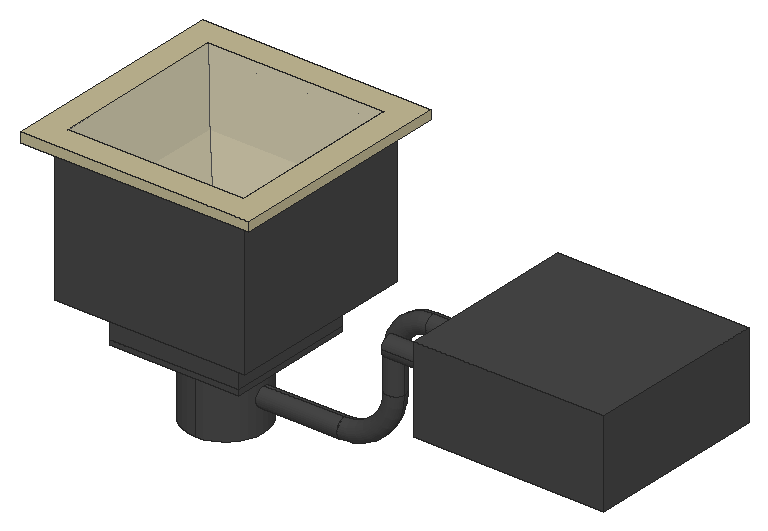
Revit family "J316", category Lighting Fixtures, host Face, Revit 2012
Parameters (values of type "J316_24W_Xicato_2100_lm_3000K")
  ceiling thickness = -1 1/2"
  Width = 16 1/4"
  Wattage Comments = "24W"
  Wattage = 24 W
  built-in parameter 1150110 = 1 (stored number, unit not read)
  Voltage = 120 V
  URL = "http://www.kurtversen.com/"
  built-in parameter 1114217 = 1 (stored number, unit not read)
  Tilt Angle = -90.00°
  built-in parameter 1150109 = 1 (stored number, unit not read)
  built-in parameter 1150134 = (empty or 0)
  built-in parameter 1150113 = 1 (stored number, unit not read)
  Product Page URL = "http://www.kurtversen.com/products/j316/"
  Product Documentation Link = "http://www.kurtversen.com/content/products/specs/specs_files/kv_j316_page.pdf"
  Photometric Web File = "J316_24W_Xicato_2100_lm_3000K.ies"
  Model = "J316"  # constant formula
  Manufacturer Phone = "(201)-664-8200"  # constant formula
  Manufacturer Fax = "(201)-664-4801"  # constant formula
  Manufacturer = "Kurtversen Lighting"  # constant formula
  built-in parameter 1150105 = 97.403 (stored number, unit not read)
  Lumens = 1224 lm
  built-in parameter 1150115 = 1 (stored number, unit not read)
  built-in parameter 1150137 = (empty or 0)
  built-in parameter 1150139 = (empty or 0)
  Length = 16 1/16"
  built-in parameter 1150112 = 1 (stored number, unit not read)
  built-in parameter 1150114 = 1 (stored number, unit not read)
  Lamp = "LED Lamp"
  built-in parameter 1150132 = (empty or 0)
  built-in parameter 1150102 = (empty or 0)
  built-in parameter 1150107 = 3000 (stored number, unit not read)
  built-in parameter 1150138 = (empty or 0)
  built-in parameter 1150106 = 0.97403 (stored number, unit not read)
  Finish = Matte Black
  Emit from Line Length = 2"
  built-in parameter 1150104 = 4.7381 (stored number, unit not read)
  Dimming Lamp Color Temperature Shift = <None>
  Description = "Narrow Downlight, 3 1/2 inch Square Aperture"  # constant formula
  Depth = 6 3/4"
  Default Elevation = 48"
  Cone Finish = J316 Cone : Gold cone
  Color Filter = 16777215
  built-in parameter 1114218 = 1 (stored number, unit not read)
  built-in parameter 1150133 = 10 (stored number, unit not read)
  Apparent Load = 24 VA
  Aperture = 3 1/2"
Types (4): name | Wattage Comments | Wattage | Photometric Web File | built-in parameter 1150105 | Lumens | built-in parameter 1150106 | Apparent Load
  (no name) | "24W" | 24 W | "J316_24W_Xicato_2100_lm_3000K.ies" | 97.403 (stored number, unit not read) | 1224 lm | 0.97403 (stored number, unit not read) | 24 VA
  J316_13W_Xicato_1100_lm_3000K | "13W" | 13 W | "J316_13W_Xicato_1100_lm_3000K.ies" | 52.76 (stored number, unit not read) | 663 lm | 0.5276 (stored number, unit not read) | 13 VA
  J316_18W_Xicato_1500_lm_3000K | "18W" | 18 W | "J316_18W_Xicato_1500_lm_3000K.ies" | 73.052 (stored number, unit not read) | 918 lm | 0.73052 (stored number, unit not read) | 18 VA
  J316_24W_Xicato_2100_lm_3000K | "24W" | 24 W | "J316_24W_Xicato_2100_lm_3000K.ies" | 97.403 (stored number, unit not read) | 1224 lm | 0.97403 (stored number, unit not read) | 24 VA
Reference planes (in)
  plane 1 "Center (Front/Back)": y = 0
  plane 2: z = 0
  plane 3 "Center (Left/Right)": x = -0.3335
  plane 4: y = 2.375
  plane 5: z = -6.75
  plane 6: y = -2.375
  plane 7: y = 8.03125
  plane 8: y = -8.03125
  plane 9: y = 6.03125
  plane 10: y = -6.03125
  plane 11: x = -6.125
  plane 12: x = 5.45799
  plane 13: y = 1.375
  plane 14: y = -1.375
  plane 15: y = -6.53125
  plane 16: y = 6.53125
  plane 17: z = -3.75
  plane 18: x = 2.1665
  plane 19: x = -2.8335
  plane 20: y = -1
  plane 21: y = 1
  plane 22: z = -1.5
  plane 23: x = 6.5
  plane 24: x = 11.5
  plane 25: x = 5
Forms (in)
  Extrusion 1, void
    sketch origin (0, 6.03125, -1.375) x (1, 0, 0) y (0, -1, 0)
      loop
        line (-2.8335, 3.53125) -> (2.1665, 3.53125) -> (2.1665, 8.53125) -> (-2.8335, 8.53125) -> (-2.8335, 3.53125)
    from -1.375 to 2.375
  Extrusion 2, void
    sketch origin (-0.3335, 0, 0) x (0, 1, 0) y (0, 0, 1)
      loop
        line (2.375, 0) -> (-2.375, 0) -> (-2.375, -1.5) -> (2.375, -1.5) -> (2.375, 0)
    from 2.5 to -2.5
  Extrusion 3, solid, material "Matte Black" <- "Finish"
    sketch origin (-2.02817, 1.69467, -3.75) x (0, -1, 0) y (1, 0, 0)
      loop
        line (0, 0) -> (3.38934, 0) -> (3.38934, 3.38934) -> (0, 3.38934) -> (0, 0)
      loop
        line (0.07295, 0.07295) -> (3.31689, 0.07295) -> (3.31689, 3.31689) -> (0.07295, 3.31689) -> (0.07295, 0.07295)
    from 0 to -1
  Extrusion 4, solid, material "Matte Black" <- "Finish"
    sketch origin (-2.02817, 1.69467, -4.75) x (1, 0, 0) y (0, -1, 0)
      loop
        line (0, 0) -> (3.38934, 0) -> (3.38934, 3.38934) -> (0, 3.38934) -> (0, 0)
    from 0 to 0.125
  Extrusion 5, solid, material "Matte Black" <- "Finish"
    sketch origin (-2.02817, 1.69467, -4.875) x (0, 1, 0) y (1, 0, 0)
      loop
        circle (-1.69467, 1.69467) r 1
    from 0 to 1.875
  Extrusion 6, solid, material "Matte Black" <- "Finish"
    sketch origin (0, 0, 0) x (1, 0, 0) y (0, 1, 0)
      loop
        line (6.5, 2.375) -> (6.5, -2.375) -> (11.5, -2.375) -> (11.5, 2.375) -> (6.5, 2.375)
    from -1.5 to -3.75
  Sweep 7, solid, material "Matte Black" <- "Finish"
    path origin (0, 0, 0) x (1, 0, 0) y (0, 0, 1)
      loop
        line (6.625, -2.625) -> (5.125, -2.625)
        arc (5.125, -2.625) -> (4.41789, -2.91789) -> (4.125, -3.625) r 1
        line (4.125, -3.625) -> (4.125, -4.5415)
        arc (4.125, -4.5415) -> (3.73443, -5.48443) -> (2.7915, -5.875) r 1.3335
        line (2.7915, -5.875) -> (0.5415, -5.875)
    profile origin (5.875, 0, -2.625) x (0, 0, -1) y (0, -1, 0)
      loop
        circle (0, 0) r 0.25
  Extrusion 8, solid, material "Matte Black" <- "Finish"
    sketch origin (6.5, 1.625, 0) x (0, 1, 0) y (0, 0, -1)
      loop
        circle (-2.92227, 2.59146) r 0.25
    from 0 to 1.5
Cuts and joins
  joined: Extrusion 4, Extrusion 5
  joined: Extrusion 6, Sweep 7, Extrusion 8
Lines and regions (in)
  reference lines
    curve 1: arc (6.5, -1.54727, -2.59146) -> (6.5, -1.29727, -2.34146) -> (6.5, -1.04727, -2.59146) r 0.25
    curve 2: arc (6.5, -1.04727, -2.59146) -> (6.5, -1.29727, -2.84146) -> (6.5, -1.54727, -2.59146) r 0.25
    curve 3: arc (-0.3335, -1, -4.875) -> (-1.3335, 0, -4.875) -> (-0.3335, 1, -4.875) r 1
    curve 4: arc (-0.3335, 1, -4.875) -> (0.6665, 0, -4.875) -> (-0.3335, -1, -4.875) r 1
Dimensions and locks (in)
  locked: host sketch curve to host sketch curve at 48  (x2)
  equal spacing: host sketch curve, plane 3 "Center (Left/Right)", host sketch curve
  equal spacing: host sketch curve, plane 1 "Center (Front/Back)", host sketch curve
  plane 3 "Center (Left/Right)" to host sketch curve = 24"
  plane 1 "Center (Front/Back)" to host sketch curve = 24"
  "Depth": plane 2 to plane 5
  equal spacing: plane 4, plane 1 "Center (Front/Back)", plane 6
  plane 4 to plane 6 = 4 3/4"
  equal spacing: plane 8, plane 1 "Center (Front/Back)", plane 7
  "Length": plane 8 to plane 7
  equal spacing: plane 10, plane 1 "Center (Front/Back)", plane 9
  locked: plane 8 to plane 10 at 2
  equal spacing: plane 11, plane 3 "Center (Left/Right)", plane 12
  equal spacing: plane 13, plane 1 "Center (Front/Back)", plane 14
  plane 4 to plane 13 = 1"
  equal spacing: plane 15, plane 1 "Center (Front/Back)", plane 16
  locked: plane 15 to plane 10 at 0.5
  plane 2 to plane 17 = 3 3/4"
  Extrusion 1 sketch curve to plane 3 "Center (Left/Right)" to Extrusion 1 sketch curve = 2 1/2", 2 1/2"
  plane 1 "Center (Front/Back)" to Extrusion 1 sketch curve = 2 1/2"
  plane 19 to plane 3 "Center (Left/Right)" to plane 18 = 2 1/2" locked, 2 1/2" locked
  plane 20 to plane 1 "Center (Front/Back)" to plane 21 = 1" locked, 1" locked
  equal spacing: plane 18, plane 3 "Center (Left/Right)", plane 19
  plane 18 to plane 19 = 5"
  host face to plane 5 = 6 3/4"
  nested 1 to plane 23 = 3.8335"
  locked: plane 23 to plane 24 at 5
  locked: plane 25 to cut or joined group of Extrusion 6, Sweep 7, Extrusion 8 at 1.5
  locked: Sweep 7 sketch curve to plane 17 at 1.125
  locked: Sweep 7 sketch curve to plane 25 at 0.875
  locked: Sweep 7 sketch curve to plane 5 at 0.875
  aligned and locked: plane 2 to host face
  aligned and locked: level to host face
  aligned and locked: Extrusion 1 to plane 17
  aligned and locked: Extrusion 1 to plane 18
  aligned and locked: plane 3 "Center (Left/Right)" to imposter light
  aligned and locked: level to Extrusion 2 sketch curve
  aligned and locked: Extrusion 2 sketch curve to plane 4
  aligned and locked: Extrusion 2 to plane 18
  aligned and locked: Extrusion 2 to Extrusion 1
  aligned and locked: plane 1 "Center (Front/Back)" to nested 1
  aligned and locked: level to Extrusion 1
  aligned and locked: Extrusion 3 sketch curve to nested 1  (x7)
  aligned and locked: nested 1 to Extrusion 3 sketch curve
  aligned and locked: Extrusion 4 sketch curve to nested 1  (x4)
  aligned and locked: Extrusion 6 sketch curve to plane 6
  aligned and locked: plane 4 to Extrusion 6 sketch curve
  aligned and locked: plane 23 to Extrusion 6
  aligned and locked: Extrusion 6 sketch curve to plane 23
  aligned and locked: plane 24 to Extrusion 6 sketch curve
  aligned and locked: Extrusion 6 to plane 17
  aligned and locked: curve 2 to Extrusion 8
  aligned and locked: plane 25 to Extrusion 8
  aligned and locked: imposter light to nested 1
  aligned and locked: imposter light to plane 1 "Center (Front/Back)"
  aligned and locked: curve 3 to cut or joined group of Extrusion 4, Extrusion 5
  aligned and locked: curve 4 to cut or joined group of Extrusion 4, Extrusion 5
Automatic sketch dimensions
  Extrusion 2 sketch curve to plane 6 = 0"
  Extrusion 2 sketch curve to level = 1 1/2"
  plane 6 to Extrusion 1 sketch curve = 1/8"
  Extrusion 4 to Extrusion 5 sketch curve = 1.69467"  (x2)
  plane 3 "Center (Left/Right)" to Sweep 7 sketch curve = 7/8"
  Sweep 7 sketch curve to plane 18 = 5/8"
  Sweep 7 sketch curve to plane 23 = 1/8"
  plane 17 to Sweep 7 sketch curve = 1/8"
  Sweep 7 sketch curve to plane 1 "Center (Front/Back)" = 0"
  Sweep 7 sketch curve to profile plane = 0"
  Extrusion 8 sketch curve to Extrusion 6 = 1.07773"
  Extrusion 6 to Extrusion 8 sketch curve = 1.09146"
  curve 1 to curve 1 = 1/4"
  curve 1 to curve 2 = 0"  (x2)
  curve 3 to curve 4 = 0"  (x2)
  curve 3 to curve 4 = 1"
  radius of Extrusion 5 sketch curve = 1"
  radius of Sweep 7 sketch curve = 1/4"
  radius of Extrusion 8 sketch curve = 1/4"
Nested families (in)
  nested 1: "J316 Cone" at (-0.3335, 0, 0), type <- "Cone Finish", Aperture <- "Aperture", type "Gold cone"
    with Finish Matte Black, Ceiling Cut Out 5", Aperture 3 1/2"
Connectors (in)
  electrical at (-0.3335, 0, -6.75), driven by "Voltage", driven by "Description"
    settings: on cut or joined group of Extrusion 4, Extrusion 5, index 1, voltage 120 V, apparent load 0 VA, apparent load phase1 0 VA, apparent load phase2 0 VA, apparent load phase3 0 VA, power factor 1, load classification "Other", number of poles 1, system type 30, power factor state 1, is connector primary yes, connector utility no, sub classification motor no, connector description "Narrow Downlight, 3 1/2 inch Square Aperture"
Definition of nested family "J316 Cone"
  Parameters (values of type "Pewter Cone")
    ceiling thickness = -6"
    Voltage = 120 V
    URL = "http://www.kurtversen.com/"
    Product Page URL = ""
    Product Documentation Link = ""
    Model = ""
    Manufacturer Phone = "(201)-664-8200"  # constant formula
    Manufacturer Fax = "(201)-664-4801"  # constant formula
    Manufacturer = "kurtversen Lighting"  # constant formula
    Inputs Watts = 0 W
    Glass = White Glass
    Finish [instance] = Matte Black
    Description = ""
    Default Elevation = 48"
    Cone Finish = Pewter
    Ceiling Cut Out [instance] = 3 7/8"
    Apparent Load = 0 VA
    Aperture [instance] = 3 1/2"
  Types (4): name | Model | Cone Finish | Ceiling Cut Out | Aperture
    Black Cone | "B3232" | Matte Black | 5" | 4 1/2"
    Gold cone | "B3232" | Gold | 5" | 4 1/2"
    Wheat Cone | "B3232" | Wheat | 5" | 4 1/2"
    Pewter Cone | "" | Pewter | 3 7/8" | 3 1/2"
  Reference planes (in)
    plane 1 "Center (Front/Back)": y = 0
    plane 2: z = 0
    plane 3 "Center (Left/Right)": x = 0
    plane 4: y = 1.9375
    plane 5: y = -1.9375
    plane 6: z = -3.75
    plane 7: y = 1.75
    plane 8: y = -1.75
    plane 9: z = 0.25
    plane 10: y = -2.4375
    plane 11: y = 2.4375
    plane 12: y = 0.25
    plane 13: y = -0.25
    plane 14: z = -3.5
    plane 15: y = 1.8125
    plane 16: x = -1.5
    plane 17: x = 1.5
    plane 18: x = 1.75
    plane 19: y = -1.8125
    plane 20: x = -1.75
    plane 21: x = -1.9375
    plane 22: x = 1.9375
    plane 23: x = -1.875
    plane 24: x = 1.875
  Forms (in)
    Extrusion 1, solid
      sketch origin (0, 0, 0) x (1, 0, 0) y (0, 1, 0)
        loop
          line (-24, 24) -> (-24, -24) -> (24, -24) -> (24, 24) -> (-24, 24)
      from 0 to -6 <- "ceiling thickness"
    Sweep 2, solid, material "Matte Black" <- "Finish"
      path origin (0, 0, 0) x (1, 0, 0) y (0, 1, 0)
        loop
          line (-1.9375, 1.9375) -> (-1.9375, -1.9375) -> (1.9375, -1.9375) -> (1.9375, 1.9375) -> (-1.9375, 1.9375)
      profile origin (0, 1.9375, 0) x (0, 1, 0) y (0, 0, 1)
        loop
          line (0, 0) -> (-0.125, 0) -> (-0.125, -3.75) -> (0, -3.75) -> (0, 0)
    Sweep 3, solid, material "Pewter" <- "Cone Finish"
      path origin (0, 0, 0) x (1, 0, 0) y (0, 1, 0)
        loop
          line (-1.9375, 1.9375) -> (-1.9375, -1.9375) -> (1.9375, -1.9375) -> (1.9375, 1.9375) -> (-1.9375, 1.9375)
      profile origin (0, 1.9375, 0) x (0, 1, 0) y (0, 0, 1)
        loop
          line (0, 0) -> (0.5, 0) -> (0.5, 0.25) -> (-0.1875, 0.25)
          arc (-0.1875, 0.25) -> (-0.34304, -1.6599) -> (-0.87778, -3.5) r 9.52315
          line (-0.87778, -3.5) -> (-0.80533, -3.5)
          arc (-0.80533, -3.5) -> (-0.30251, -1.78162) -> (-0.125, 0) r 9.67315
          line (-0.125, 0) -> (0, 0)
    Extrusion 4, solid, material "White Glass" <- "Glass"
      sketch origin (0, 0, 0) x (1, 0, 0) y (0, 1, 0)
        loop
          line (1.75, 1.75) -> (-1.75, 1.75) -> (-1.75, -1.75) -> (1.75, -1.75) -> (1.75, 1.75)
      from 0 to 0.25
    Extrusion 5, solid, material "Pewter" <- "Cone Finish"
      sketch origin (0, 0, 0) x (1, 0, 0) y (0, 1, 0)
        loop
          line (-1.13217, 1.13217) -> (-1.13217, -1.13217) -> (1.13217, -1.13217) -> (1.13217, 1.13217) -> (-1.13217, 1.13217)
      from -3.75 to -3.5
  Cuts and joins
    joined: Sweep 3, Extrusion 5
  Dimensions and locks (in)
    locked: Extrusion 1 sketch curve to Extrusion 1 sketch curve at 48  (x2)
    equal spacing: Extrusion 1 sketch curve, plane 3 "Center (Left/Right)", Extrusion 1 sketch curve
    equal spacing: Extrusion 1 sketch curve, plane 1 "Center (Front/Back)", Extrusion 1 sketch curve
    plane 3 "Center (Left/Right)" to Extrusion 1 sketch curve = 24"
    plane 1 "Center (Front/Back)" to Extrusion 1 sketch curve = 24"
    equal spacing: plane 4, plane 1 "Center (Front/Back)", plane 5
    "Ceiling Cut Out": plane 4 to plane 5
    locked: plane 2 to plane 6 at 3.75
    equal spacing: plane 8, plane 1 "Center (Front/Back)", plane 7
    "Aperture": plane 8 to plane 7
    locked: plane 9 to plane 2 at 0.25
    equal spacing: plane 11, plane 1 "Center (Front/Back)", plane 10
    locked: plane 11 to plane 4 at 0.5
    equal spacing: plane 13, plane 1 "Center (Front/Back)", plane 12
    locked: plane 12 to plane 7 at 1.5
    locked: plane 14 to plane 6 at 0.25
    locked: plane 4 to plane 15 at 0.125
    equal spacing: plane 17, plane 3 "Center (Left/Right)", plane 16
    locked: plane 17 to plane 3 "Center (Left/Right)" at 1.5
    equal spacing: plane 15, plane 1 "Center (Front/Back)", plane 19
    equal spacing: plane 18, plane 3 "Center (Left/Right)", plane 20
    "Aperture": plane 18 to plane 20
    locked: plane 20 to plane 23 at 0.125
    equal spacing: plane 24, plane 3 "Center (Left/Right)", plane 23
    equal spacing: plane 22, plane 3 "Center (Left/Right)", plane 21
    "Ceiling Cut Out": plane 22 to plane 21
    aligned and locked: plane 2 to Extrusion 1
    aligned and locked: level to Extrusion 1
    aligned and locked: plane 4 to Sweep 2 sketch curve
    aligned and locked: plane 21 to Sweep 2 sketch curve
    aligned and locked: Sweep 2 sketch curve to plane 5
    aligned and locked: Sweep 2 sketch curve to plane 22
    aligned and locked: profile plane to Sweep 2 sketch curve
    aligned and locked: Sweep 2 sketch curve to profile plane
    aligned and locked: Sweep 2 sketch curve to plane 6
    aligned and locked: plane 15 to Sweep 2 sketch curve
    aligned and locked: Sweep 3 sketch curve to Sweep 2  (x4)
    aligned and locked: level to Sweep 3 sketch curve
    aligned and locked: plane 11 to Sweep 3 sketch curve
    aligned and locked: Extrusion 4 to level
    aligned and locked: plane 9 to Extrusion 4
    aligned and locked: Extrusion 5 sketch curve to Sweep 3  (x4)
    aligned and locked: Extrusion 5 to plane 6
    aligned and locked: plane 14 to Extrusion 5
    aligned and locked: Extrusion 4 sketch curve to cut or joined group of Sweep 3, Extrusion 5  (x4)
  Automatic sketch dimensions
    Sweep 3 sketch curve to Sweep 3 sketch curve = 0"
    Sweep 3 sketch curve to profile plane = 0"
    profile plane to Sweep 3 sketch curve = 1/8"
    Sweep 3 sketch curve to Sweep 3 sketch curve = 0.07245"
    level to Sweep 3 sketch curve = 0.06411"
    Sweep 3 sketch curve to Sweep 3 sketch curve = 0.0891"
    profile plane to Sweep 3 sketch curve = 3/16"
    profile plane to Sweep 3 sketch curve = 0.80533"
    Sweep 3 sketch curve to Sweep 3 sketch curve = 9.52134"
